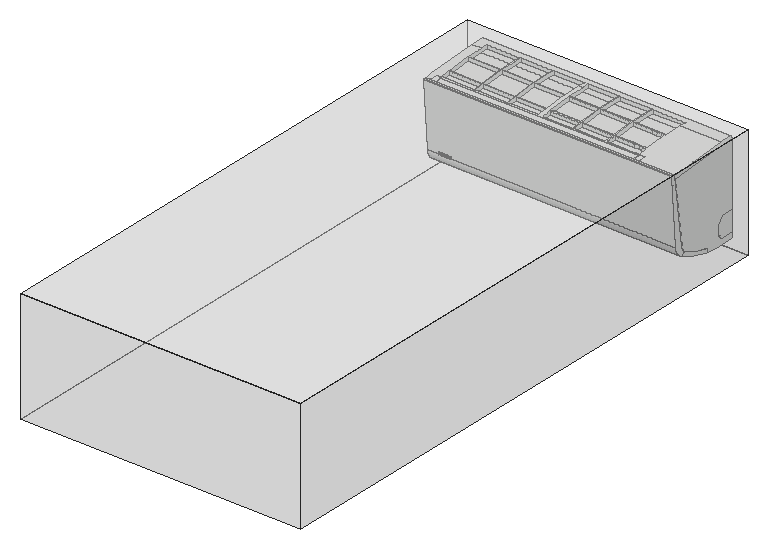
Revit family "outputfile", category 機械設備, Revit 2024
Family settings
  丸型コネクタ寸法 = 半径を使用
  パーツ タイプ = 標準
  OmniClass 番号 = 23.75.10.24.21.27.27
  OmniClass タイトル = Split System Air Conditioning Units
  作業面ベース = いいえ
  常に垂直 = はい
  ロード時にボイドで切り取り = いいえ
  注釈の向きを維持 = いいえ
  共有 = いいえ
  部屋計算ポイント = いいえ
Parameters (values of type "FTKF50DVA")
  Description = ""
  書き出し IFC クラス(タイプ) = "IfcUnitaryEquipmentType"
  定義済み IFC タイプ(タイプ) = "AIRCONDITIONINGUNIT"
  Cost = 0
  Type Comments = ""
  Keynote = ""
  Type Image = (empty or 0)
  Assembly Code = ""
  switch_frequency = yes
  lw_connection [instance] = if(Width = 730.0 mm, 85.0 mm, if(Width = 770.0 mm, 48.0 mm, 60.0 mm))  # 48.0 mm
  製造元 = "Daikin"
  モデル = "FTKF50DVA"
  r_Liquid Pipe Size = Liquid Pipe Size / 2  # 3.2 mm
  r_Gas Pipe Size = Gas Pipe Size / 2  # 6.35 mm
  r_Drain Pipe Size = Drain Pipe Size / 2  # 9.55 mm
  lw_powersupply [instance] = if(Width = 730.0 mm, if(or(Rear Right Connection_refrigerant, Bottom Right Connection_refrigerant), 65.0 mm, if(or(Rear Left Connection_refrigerant, Bottom Left Connection_refrigerant), 695.0 mm, 400.0 mm)), if(Width = 770.0 mm, if(or(Rear Right Connection_refrigerant, Bottom Right Connection_refrigerant), 68.0 mm, if(or(Rear Left Connection_refrigerant, Bottom Left Connection_refrigerant), 705.0 mm, 400.0 mm)), if(or(Rear Right Connection_refrigerant, Bottom Right Connection_refrigerant), 83.0 mm, if(or(Rear Left Connection_refrigerant, Bottom Left Connection_refrigerant), 928.0 mm, 400.0 mm))))  # 400.0 mm
  lw_liquidpipe [instance] = if(Width = 730.0 mm, if(or(Rear Right Connection_refrigerant, Bottom Right Connection_refrigerant), 0.0 mm, if(or(Rear Left Connection_refrigerant, Bottom Left Connection_refrigerant), 582.0 mm, 473.0 mm)), if(Width = 770.0 mm, if(or(Rear Right Connection_refrigerant, Bottom Right Connection_refrigerant), 0.0 mm, if(or(Rear Left Connection_refrigerant, Bottom Left Connection_refrigerant), 682.0 mm, 385.0 mm)), if(or(Rear Right Connection_refrigerant, Bottom Right Connection_refrigerant), 10.0 mm, if(or(Rear Left Connection_refrigerant, Bottom Left Connection_refrigerant), 858.0 mm, 435.0 mm))))  # 385.0 mm
  lw_gaspipe [instance] = if(Width = 730.0 mm, if(or(Rear Right Connection_refrigerant, Bottom Right Connection_refrigerant), 0.0 mm, if(or(Rear Left Connection_refrigerant, Bottom Left Connection_refrigerant), 576.0 mm, 428.0 mm)), if(Width = 770.0 mm, if(or(Rear Right Connection_refrigerant, Bottom Right Connection_refrigerant), 0.0 mm, if(or(Rear Left Connection_refrigerant, Bottom Left Connection_refrigerant), 675.0 mm, 335.0 mm)), if(or(Rear Right Connection_refrigerant, Bottom Right Connection_refrigerant), 0.0 mm, if(or(Rear Left Connection_refrigerant, Bottom Left Connection_refrigerant), 851.0 mm, 400.0 mm))))  # 335.0 mm
  lw_drainpipe [instance] = if(Width = 730.0 mm, if(or(Rear Right Connection_refrigerant, Bottom Right Connection_refrigerant), 0.0 mm, if(or(Rear Left Connection_refrigerant, Bottom Left Connection_refrigerant), 590.0 mm, 488.0 mm)), if(Width = 770.0 mm, if(or(Rear Right Connection_refrigerant, Bottom Right Connection_refrigerant), 0.0 mm, if(or(Rear Left Connection_refrigerant, Bottom Left Connection_refrigerant), 695.0 mm, 440.0 mm)), if(or(Rear Right Connection_refrigerant, Bottom Right Connection_refrigerant), 0.0 mm, if(or(Rear Left Connection_refrigerant, Bottom Left Connection_refrigerant), 888.0 mm, 475.0 mm))))  # 440.0 mm
  l_powersupply_length [instance] = if(Width = 730.0 mm, if(Right Connection_refrigerant, 400.0 mm, if(Left Connection_refrigerant, 330.0 mm, if(or(Bottom Left Connection_refrigerant, Bottom Right Connection_refrigerant), 57.0 mm, if(or(Rear Left Connection_refrigerant, Rear Right Connection_refrigerant), 15.0 mm, 50.0 mm)))), if(Width = 770.0 mm, if(Right Connection_refrigerant, 400.0 mm, if(Left Connection_refrigerant, 370.0 mm, if(or(Bottom Left Connection_refrigerant, Bottom Right Connection_refrigerant), 57.0 mm, if(or(Rear Left Connection_refrigerant, Rear Right Connection_refrigerant), 15.0 mm, 50.0 mm)))), if(Right Connection_refrigerant, 400.0 mm, if(Left Connection_refrigerant, 590.0 mm, if(or(Bottom Left Connection_refrigerant, Bottom Right Connection_refrigerant), 57.0 mm, if(or(Rear Left Connection_refrigerant, Rear Right Connection_refrigerant), 15.0 mm, 50.0 mm))))))  # 400.0 mm
  l_liquidpipe_length [instance] = if(Width = 730.0 mm, if(Right Connection_refrigerant, 558.0 mm, if(Left Connection_refrigerant, 172.0 mm, if(or(Bottom Left Connection_refrigerant, Bottom Right Connection_refrigerant), 48.0 mm, if(or(Rear Left Connection_refrigerant, Rear Right Connection_refrigerant), 30.0 mm, 40.0 mm)))), if(Width = 770.0 mm, if(Right Connection_refrigerant, 433.0 mm, if(Left Connection_refrigerant, 337.0 mm, if(or(Bottom Left Connection_refrigerant, Bottom Right Connection_refrigerant), 48.0 mm, if(or(Rear Left Connection_refrigerant, Rear Right Connection_refrigerant), 30.0 mm, 40.0 mm)))), if(Right Connection_refrigerant, 495.0 mm, if(Left Connection_refrigerant, 495.0 mm, if(or(Bottom Left Connection_refrigerant, Bottom Right Connection_refrigerant), 48.0 mm, if(or(Rear Left Connection_refrigerant, Rear Right Connection_refrigerant), 30.0 mm, 40.0 mm))))))  # 433.0 mm
  l_gaspipe_length [instance] = if(Width = 730.0 mm, if(Right Connection_refrigerant, 513.0 mm, if(Left Connection_refrigerant, 217.0 mm, if(or(Bottom Left Connection_refrigerant, Bottom Right Connection_refrigerant), 57.0 mm, if(or(Rear Left Connection_refrigerant, Rear Right Connection_refrigerant), 40.0 mm, 50.0 mm)))), if(Width = 770.0 mm, if(Right Connection_refrigerant, 383.0 mm, if(Left Connection_refrigerant, 387.0 mm, if(or(Bottom Left Connection_refrigerant, Bottom Right Connection_refrigerant), 57.0 mm, if(or(Rear Left Connection_refrigerant, Rear Right Connection_refrigerant), 40.0 mm, 50.0 mm)))), if(Right Connection_refrigerant, 460.0 mm, if(Left Connection_refrigerant, 530.0 mm, if(or(Bottom Left Connection_refrigerant, Bottom Right Connection_refrigerant), 57.0 mm, if(or(Rear Left Connection_refrigerant, Rear Right Connection_refrigerant), 40.0 mm, 50.0 mm))))))  # 383.0 mm
  l_drainpipe_length [instance] = if(Width = 730.0 mm, if(Right Connection_refrigerant, 573.0 mm, if(Left Connection_refrigerant, 157.0 mm, if(or(Bottom Left Connection_refrigerant, Bottom Right Connection_refrigerant), 35.0 mm, if(or(Rear Left Connection_refrigerant, Rear Right Connection_refrigerant), 15.0 mm, 20.0 mm)))), if(Width = 770.0 mm, if(Right Connection_refrigerant, 488.0 mm, if(Left Connection_refrigerant, 282.0 mm, if(or(Bottom Left Connection_refrigerant, Bottom Right Connection_refrigerant), 35.0 mm, if(or(Rear Left Connection_refrigerant, Rear Right Connection_refrigerant), 15.0 mm, 20.0 mm)))), if(Right Connection_refrigerant, 535.0 mm, if(Left Connection_refrigerant, 455.0 mm, if(or(Bottom Left Connection_refrigerant, Bottom Right Connection_refrigerant), 35.0 mm, if(or(Rear Left Connection_refrigerant, Rear Right Connection_refrigerant), 15.0 mm, 20.0 mm))))))  # 488.0 mm
  h*** = 0.0 mm  # constant formula
  connector_voltage = Voltage_60Hz  # 220 V
  connector_powerinput = [Power Input (Cooling)]  # 0.000 kW
  connector_phase = Phase_60Hz  # 1
  angle_vertical [instance] = if(or(Bottom Left Connection_refrigerant, Bottom Right Connection_refrigerant), 0.00°, 90.00°)  # 90.00°
  angle_horizontal [instance] = if(Right Connection_refrigerant, 90.00°, if(Left Connection_refrigerant, -90.00°, if(or(Rear Left Connection_refrigerant, Rear Right Connection_refrigerant), 180.00°, 0.00°)))  # 90.00°
  Width = 770.0 mm
  Voltage_comment_60Hz = "220"
  Voltage_60Hz = 220 V
  Version = "ver.1.0"
  Unit Type = "Wall Mounted"
  Unit Mass Weight = 9.50 kg
  Unit Designation [instance] = ""
  Uniclass2015Version = "Products v1.30"
  Uniclass2015Title = "Split coil room air conditioning units"
  Uniclass2015Code = "Pr_70_65_03_86"
  URL = ""
  Total Cooling Capacity [instance] = 0.000 kW
  Sound Pressure Level_M speed (dBA) = 39
  Sound Pressure Level_L speed (dBA) = 33
  Sound Pressure Level_H speed (dBA) = 42
  Sound Power Level_H speed (dB) = 0
  Series = "Single Split_Fan Coil Unit"
  Sensible Cooling Capacity [instance] = 0.000 kW
  Refrigerant Type = "R32"
  Power Input (Cooling) = 0.000 kW
  Phase_60Hz = 1
  Option Accessory 3 [instance] = ""
  Option Accessory 2 [instance] = ""
  Option Accessory 1 [instance] = ""
  Nominal Cooling Capacity = 5.280 kW
  Minimum Circuit Amps_60Hz = 0.0 A
  Minimum Airflow = 493.00 m³/h
  Median Airflow = 646.00 m³/h
  Maximum Fuse Amps_60Hz = 0.0 A
  Maximum Airflow = 731.00 m³/h
  Material_Casing = DAIKIN_White_Casing_indoorunit
  Load Classification = HVAC
  Liquid Pipe Size = 6.4 mm
  Link_Nested Family [instance] = ""
  IfcVersion = ""
  IfcExportType = "AIRCONDITIONINGUNIT"
  IfcExportAs = "IfcUnitaryEquipmentType"
  Height = 288.0 mm
  Heat Exchanger Type = "Cross Fin Coil"
  Gas Pipe Size = 12.7 mm
  Frequency_60Hz = 60 Hz
  Fan Type = "Cross Flow Fan"
  Fan Drive = "Direct Drive"
  FCU Tag No. [instance] = ""
  Drain Pipe Size = 19.1 mm
  Design Supply Airflow [instance] = 0.00 m³/h
  Depth = 234.0 mm
  既定の高さ = 0.0 mm
  Cooling Entering Wet Bulb Temperature [instance] = 0.00 °C
  Cooling Entering Dry Bulb Temperature [instance] = 0.00 °C
  Cooling Ambient Wet Bulb Temperature [instance] = 0.00 °C
  Cooling Ambient Dry Bulb Temperature [instance] = 0.00 °C
  Clearance visibility [instance] = yes
  Clearance Top = 30.0 mm
  Clearance Right = 50.0 mm
  Clearance Rear = 0.0 mm
  Clearance Left = 50.0 mm
  Clearance Front = 1500.0 mm
  Clearance Bottom = 30.0 mm
  Bottom Right Connection_refrigerant [instance] = no
  Bottom Left Connection_refrigerant [instance] = no
  Rear Right Connection_refrigerant [instance] = no
  Rear Left Connection_refrigerant [instance] = no
  Right Connection_refrigerant [instance] = yes
  Left Connection_refrigerant [instance] = no
Reference planes
  plane 1 "Back": y = 0
  plane 2: z = 0
  plane 3 "Center (Left/Right)": x = 0
  plane 4 "Center (Front/Back)": y = -117
  plane 5 "Front": y = -234
  plane 6 "Left": x = -385
  plane 7 "Right": x = 385
  plane 8 "Top": z = 0
  plane 9 "Bottom": z = -288
  plane 10 "Front panel_Left": x = -383
  plane 11 "Front panel_Right": x = 383
  plane 12: x = 249
  plane 13: x = 244
  plane 14: x = -435
  plane 15: x = 435
  plane 16: y = 0
  plane 17: y = -213
  plane 18: z = 30
  plane 19: z = -318
  plane 20 "lw_Piping and Wiring intake": x = 337
  plane 21 "lw_gaspipe": x = 2
  plane 22 "lw_liquidpipe": x = -48
  plane 23 "lw_drainpipe": x = -103
  plane 24 "lh_drainpipe": z = -253
  plane 25 "lh_liquidpipe": z = -240
  plane 26 "lh_gaspipe": z = -231
  plane 27 "ld_drainpipe": y = -15
  plane 28 "ld_liquidpipe": y = -30
  plane 29 "ld_gaspipe": y = -40
  plane 30 "lw_powersupply": x = -15
  plane 31: y = -1734
Dimensions and locks
  equal spacing: plane 6 "Left", plane 3 "Center (Left/Right)", plane 7 "Right"
  "Width": plane 6 "Left" to plane 7 "Right"
  equal spacing: plane 5 "Front", plane 4 "Center (Front/Back)", plane 1 "Back"
  "Depth": plane 5 "Front" to plane 1 "Back"
  "Height": plane 8 "Top" to plane 9 "Bottom"
  locked: plane 10 "Front panel_Left" to plane 6 "Left" at 2
  locked: plane 7 "Right" to plane 11 "Front panel_Right" at 2
  locked: plane 7 "Right" to plane 12 at 136
  locked: plane 12 to plane 13 at 5
  "Clearance Rear": plane 16 to plane 1 "Back"
  "Clearance Top": plane 18 to plane 8 "Top"
  "Clearance Bottom": plane 9 "Bottom" to plane 19
  "lw_connection": plane 20 "lw_Piping and Wiring intake" to plane 7 "Right"
  "lw_gaspipe": plane 21 "lw_gaspipe" to plane 20 "lw_Piping and Wiring intake"
  "lw_liquidpipe": plane 22 "lw_liquidpipe" to plane 20 "lw_Piping and Wiring intake"
  "lw_drainpipe": plane 23 "lw_drainpipe" to plane 20 "lw_Piping and Wiring intake"
  locked: plane 24 "lh_drainpipe" to plane 9 "Bottom" at 35
  locked: plane 25 "lh_liquidpipe" to plane 9 "Bottom" at 48
  locked: plane 26 "lh_gaspipe" to plane 9 "Bottom" at 57
  locked: plane 27 "ld_drainpipe" to plane 1 "Back" at 15
  locked: plane 1 "Back" to plane 28 "ld_liquidpipe" at 30
  locked: plane 1 "Back" to plane 29 "ld_gaspipe" at 40
  "lw_powersupply": plane 30 "lw_powersupply" to plane 7 "Right"
  "Clearance Right": plane 7 "Right" to plane 15
  "Clearance Left": plane 14 to plane 6 "Left"
  "Clearance Front": plane 5 "Front" to plane 31
  aligned and locked: level to plane 2
  aligned and locked: plane 16 to nested 1
  aligned and locked: nested 1 to plane 14
  aligned and locked: nested 1 to plane 15
  aligned and locked: plane 19 to nested 1
  aligned and locked: plane 18 to nested 1
  aligned and locked: plane 21 "lw_gaspipe" to nested 2
  aligned and locked: nested 2 to plane 29 "ld_gaspipe"
  aligned and locked: plane 22 "lw_liquidpipe" to nested 3
  aligned and locked: nested 3 to plane 28 "ld_liquidpipe"
  aligned and locked: plane 23 "lw_drainpipe" to nested 4
  aligned and locked: nested 4 to plane 27 "ld_drainpipe"
  aligned and locked: nested 5 to plane 27 "ld_drainpipe"
  aligned and locked: plane 30 "lw_powersupply" to nested 5
  aligned and locked: level to plane 8 "Top"
  aligned and locked: nested 1 to plane 31
Nested families
  nested 1: "daikin_clearancespace" at (0, -867, -143.881), show <- "Clearance visibility", visible <- "Clearance visibility", Link_Nested Family <- "Link_Nested Family", type "daikin_clearancespace"
    with width 870.0 mm, show yes, height 348.0 mm, depth 1734.0 mm, Link_Nested Family ""
  nested 2: "daikin_connector_rotate3" at (2, -40, -231), angle_vertical <- "angle_vertical", angle_horizontal <- "angle_horizontal", length <- "l_gaspipe_length", radius <- "r_Gas Pipe Size", type "daikin_connector_rotate3"
    with show no, radius 6.35 mm, length 383.0 mm, angle_vertical 90.00°, angle_horizontal 90.00°
  nested 3: "daikin_connector_rotate3" at (-48, -30, -240), angle_vertical <- "angle_vertical", angle_horizontal <- "angle_horizontal", radius <- "r_Liquid Pipe Size", length <- "l_liquidpipe_length", type "daikin_connector_rotate3"
    with show no, radius 3.2 mm, length 433.0 mm, angle_vertical 90.00°, angle_horizontal 90.00°
  nested 4: "daikin_connector_rotate3" at (-103, -15, -253), angle_vertical <- "angle_vertical", angle_horizontal <- "angle_horizontal", length <- "l_drainpipe_length", radius <- "r_Drain Pipe Size", type "daikin_connector_rotate3"
    with show no, radius 9.55 mm, length 488.0 mm, angle_vertical 90.00°, angle_horizontal 90.00°
  nested 5: "daikin_connector_rotate3" at (-15, -15, -231), angle_vertical <- "angle_vertical", angle_horizontal <- "angle_horizontal", length <- "l_powersupply_length", type "daikin_connector_rotate3"
    with show no, radius 10.0 mm, length 400.0 mm, angle_vertical 90.00°, angle_horizontal 90.00°
  nested 6: "DAIKIN_indoorunit_FTKF-DVA" at (-31, 0, 0), type "FTKF-DVA"
    with switch_unit1_35-50 yes, switch_unit1_20-25 no, Width 770.0 mm, WALL HOLE-R 48.0 mm, Height 288.0 mm
Connectors
  piping at (385, -40, -231), diameter 12.7, driven by "r_Gas Pipe Size"
    settings: on nested 2, index 1, connector inside diameter 609.6 mm, connector length 0.0 mm, flow factor 0, pipe flow 0.00 m³/h, pressure drop 0.0 Pa, fitting loss kfactor 0, connector angle 0.00°, fixture units 0, engagement length 0.0 mm, angle of deflection 0.00°, flow configuration 1, flow direction 2, fitting loss method 0, system type 29, joint type 0, gender type 0, connector reference index -1, connector utility 0, adjustable connector no, is connector primary yes, connector description "Refrigerant Gas Piping"
  piping at (385, -30, -240), diameter 6.4, driven by "r_Liquid Pipe Size"
    settings: on nested 3, index 2, connector inside diameter 609.6 mm, connector length 0.0 mm, flow factor 0, pipe flow 0.00 m³/h, pressure drop 0.0 Pa, fitting loss kfactor 0, connector angle 0.00°, fixture units 0, engagement length 0.0 mm, angle of deflection 0.00°, flow configuration 1, flow direction 1, fitting loss method 0, system type 29, joint type 0, gender type 0, connector reference index -1, connector utility 0, adjustable connector no, is connector primary no, connector description "Refrigerant Liquid Piping"
  piping at (385, -15, -253), diameter 19.1, driven by "r_Drain Pipe Size"
    settings: on nested 4, index 3, connector inside diameter 609.6 mm, connector length 0.0 mm, flow factor 0, pipe flow 0.00 m³/h, pressure drop 0.0 Pa, fitting loss kfactor 0, connector angle 0.00°, fixture units 0, engagement length 0.0 mm, angle of deflection 0.00°, flow configuration 1, flow direction 2, fitting loss method 4, system type 16, joint type 0, gender type 0, connector reference index -1, connector utility 0, adjustable connector no, is connector primary no, connector description "Condensate Drain Piping"
  electrical at (385, -15, -231), driven by "Load Classification", driven by "connector_voltage", driven by "connector_phase", driven by "connector_powerinput"
    settings: on nested 5, index 4, voltage 220 V, apparent load 0 VA, apparent load phase1 0 VA, apparent load phase2 0 VA, apparent load phase3 0 VA, power factor 1, load classification "HVAC", number of poles 1, system type 30, power factor state 1, is connector primary yes, connector utility no, sub classification motor no, connector description "Power Supply"
Definition of nested family "daikin_clearancespace"
  Parameters (values of type "daikin_clearancespace")
    Description = "daikin_clearancespace"
    width [instance] = 1823.963 mm
    show [instance] = yes
    material = none
    height [instance] = 1359.762 mm
    depth [instance] = 880.0 mm
    Default Elevation = 0.0 mm
    Link_Nested Family [instance] = ""
  Reference planes
    plane 1 "Center (Front/Back)": y = 0
    plane 2 "Center (Elevation)": z = -0.119
    plane 3 "Center (Left/Right)": x = 0
    plane 4: y = 440
    plane 5: y = -440
    plane 6 "Right": x = 911.982
    plane 7 "Left": x = -911.982
    plane 8 "Top": z = 679.762
    plane 9 "Bottom": z = -680
  Forms (mm)
    Extrusion 1, solid, material <- "material", visible <- "show"
      sketch origin (0, 0, 0) x (1, 0, 0) y (0, 1, 0)
        loop
          line (-911.982, 440) -> (-911.982, -440) -> (911.982, -440) -> (911.982, 440) -> (-911.982, 440)
      from -680 to 679.762
  Lines and regions (mm)
    symbolic lines, visible <- "show"
      curve 1: line (911.982, 440, 0) -> (-911.982, 440, 0)
      curve 2: line (-911.982, 440, 0) -> (-911.982, -440, 0)
      curve 3: line (-911.982, -440, 0) -> (911.982, -440, 0)
      curve 4: line (911.982, -440, 0) -> (911.982, 440, 0)
      curve 5: line (911.982, 0, 679.762) -> (-911.982, 0, 679.762)
      curve 6: line (911.982, 0, -680) -> (911.982, 0, 679.762)
      curve 7: line (-911.982, 0, -680) -> (911.982, 0, -680)
      curve 8: line (-911.982, 0, 679.762) -> (-911.982, 0, -680)
      curve 9: line (0, 440, 679.762) -> (0, -440, 679.762)
      curve 10: line (0, -440, 679.762) -> (0, -440, -680)
      curve 11: line (0, 440, -680) -> (0, 440, 679.762)
      curve 12: line (0, -440, -680) -> (0, 440, -680)
  Dimensions and locks
    "width": plane 7 "Left" to plane 6 "Right"
    "depth": plane 4 to plane 5
    "height": plane 8 "Top" to plane 9 "Bottom"
    equal spacing: plane 7 "Left", plane 3 "Center (Left/Right)", plane 6 "Right"
    equal spacing: plane 4, plane 1 "Center (Front/Back)", plane 5
    equal spacing: plane 8 "Top", plane 2 "Center (Elevation)", plane 9 "Bottom"
    aligned and locked: level to plane 2 "Center (Elevation)"
    aligned and locked: Extrusion 1 sketch curve to plane 4
    aligned and locked: plane 7 "Left" to Extrusion 1 sketch curve
    aligned and locked: Extrusion 1 sketch curve to plane 5
    aligned and locked: Extrusion 1 sketch curve to plane 6 "Right"
    aligned and locked: plane 8 "Top" to Extrusion 1
    aligned and locked: curve 1 to Extrusion 1
    aligned and locked: curve 2 to Extrusion 1
    aligned and locked: curve 3 to Extrusion 1
    aligned and locked: curve 4 to Extrusion 1
    aligned and locked: curve 5 to Extrusion 1
    aligned and locked: curve 6 to Extrusion 1
    aligned and locked: curve 7 to Extrusion 1
    aligned and locked: curve 8 to Extrusion 1
    aligned and locked: curve 9 to Extrusion 1
    aligned and locked: curve 10 to Extrusion 1
    aligned and locked: curve 11 to Extrusion 1
    aligned and locked: curve 12 to Extrusion 1
    aligned and locked: Extrusion 1 to plane 9 "Bottom"
Definition of nested family "DAIKIN_indoorunit_FTKF-DVA"
  Parameters (values of type "FTKF-DVA")
    switch_unit1_60-71 = Width = 990.0 mm  # no
    switch_unit1_35-50 = Width = 770.0 mm  # no
    switch_unit1_20-25 = Width = 730.0 mm  # yes
    Width = 730.0 mm
    WALL HOLE-R = if(Width = 730.0 mm, 79.0 mm, 48.0 mm)  # 79.0 mm
    Material_Casing = none
    Height = if(Width = 730.0 mm, 280.0 mm, if(Width = 770.0 mm, 288.0 mm, 297.0 mm))  # 280.0 mm
    Default Elevation = 0.0 mm
  Reference planes
    plane 1 "Center (Front/Back)": y = 0
    plane 2 "reference_level": z = 0
    plane 3 "Center (Left/Right)": x = 31
    plane 4: x = -334
    plane 5: x = 396
    plane 6: z = -280
  Forms (mm)
    Extrusion 1, solid, material <- "Material_Casing", visible <- "switch_unit1_20-25"
      sketch origin (31, 0, 0) x (0, 1, 0) y (0, 0, 1)
        loop
          line (-109.519, -8) -> (-2.596, -8) -> (-8.198, 0) -> (-109.608, 0)
          arc (-109.608, 0) -> (-157.226, -5.2) -> (-202.599, -20.555) r 220.623
          line (-202.599, -20.555) -> (-202.447, -29.25)
          arc (-202.447, -29.25) -> (-157.182, -13.38) -> (-109.519, -8) r 213.82
      from -365 to 365
    Extrusion 2, solid, material <- "Material_Casing", visible <- "switch_unit1_20-25"
      sketch origin (416, 1304.033, 1200.206) x (0, 1, 0) y (0, 0, 1)
        loop
          arc (-1496.513, -1423.164) -> (-1487.225, -1434.204) -> (-1476.373, -1443.711) r 95
          arc (-1476.373, -1443.711) -> (-1448.371, -1461.92) -> (-1418.191, -1476.232) r 250
          line (-1418.191, -1476.232) -> (-1418.191, -1465.318)
          arc (-1418.191, -1465.318) -> (-1445.052, -1452.134) -> (-1470.063, -1435.711) r 240
          arc (-1470.063, -1435.711) -> (-1477.766, -1429.186) -> (-1484.641, -1421.794) r 85
          line (-1484.641, -1421.794) -> (-1496.513, -1423.164)
      from -20 to -177
    Extrusion 3, solid, material <- "Material_Casing", visible <- "switch_unit1_20-25"
      sketch origin (31, 0, 0) x (0, 1, 0) y (0, 0, 1)
        loop
          line (-202.769, -10.816) -> (-211.618, -13.692)
          arc (-211.618, -13.692) -> (-212.628, -14.432) -> (-213, -15.629) r 2
          line (-213, -15.629) -> (-210.348, -167.5)
          arc (-210.348, -167.5) -> (-206.029, -195.818) -> (-193.465, -221.562) r 95
          line (-193.465, -221.562) -> (-181.653, -220.199)
          arc (-181.653, -220.199) -> (-195.31, -195.356) -> (-200.037, -167.403) r 85
          line (-200.037, -167.403) -> (-202.769, -10.816)
      from -365 to 365
    Extrusion 4, solid, material <- "Material_Casing", visible <- "switch_unit1_20-25"
      sketch origin (31, 0, 0) x (0, 1, 0) y (0, 0, 1)
        loop
          line (0, -280) -> (0, -11.707) -> (-2.596, -8) -> (-109.519, -8)
          arc (-109.519, -8) -> (-156.378, -13.198) -> (-200.959, -28.539) r 213.82
          line (-200.959, -28.539) -> (-198.537, -167.295)
          arc (-198.537, -167.295) -> (-189.766, -204.754) -> (-165.131, -234.305) r 83.5
          arc (-165.131, -234.305) -> (-139.841, -250.873) -> (-112.659, -264.109) r 238.5
          line (-112.659, -264.109) -> (-112.659, -276.338)
          arc (-112.659, -276.338) -> (-100.834, -279.079) -> (-88.731, -280) r 80
          line (-88.731, -280) -> (0, -280)
      from -365 to 365
    Extrusion 5, solid, material <- "Material_Casing", visible <- "switch_unit1_20-25"
      sketch origin (-354, 1304.033, 1200.206) x (0, 1, 0) y (0, 0, 1)
        loop
          arc (-1496.513, -1423.164) -> (-1487.225, -1434.204) -> (-1476.373, -1443.711) r 95
          arc (-1476.373, -1443.711) -> (-1448.371, -1461.92) -> (-1418.191, -1476.232) r 250
          line (-1418.191, -1476.232) -> (-1418.191, -1465.318)
          arc (-1418.191, -1465.318) -> (-1445.052, -1452.134) -> (-1470.063, -1435.711) r 240
          arc (-1470.063, -1435.711) -> (-1477.766, -1429.186) -> (-1484.641, -1421.794) r 85
          line (-1484.641, -1421.794) -> (-1496.513, -1423.164)
      from 72 to 20
    Extrusion 6, solid, material <- "Material_Casing", visible <- "switch_unit1_20-25"
      sketch origin (31, 7.782, 0.206) x (0, 1, 0) y (0, 0, 1)
        loop
          line (-188.39, -221.794) -> (-200.262, -223.164)
          arc (-200.262, -223.164) -> (-190.975, -234.204) -> (-180.122, -243.711) r 95
          arc (-180.122, -243.711) -> (-152.12, -261.92) -> (-121.941, -276.232) r 250
          line (-121.941, -276.232) -> (-121.941, -265.318)
          arc (-121.941, -265.318) -> (-148.801, -252.134) -> (-173.813, -235.711) r 240
          arc (-173.813, -235.711) -> (-181.515, -229.186) -> (-188.39, -221.794) r 85
      from 204 to -309
    Extrusion 7, void
      sketch origin (31, 0, -235) x (1, 0, 0) y (0, 1, 0)
        loop
          line (-324.633, -72.419) -> (-304, -73.5) -> (-234.9, -73.5) -> (-234.9, -24.5) -> (-324.633, -24.5) -> (-324.633, -72.419)
        loop
          line (-304, -74.9) -> (-324.633, -75.939) -> (-324.633, -139.819) -> (-304, -140.9) -> (-234.9, -140.9) -> (-234.9, -74.9) -> (-304, -74.9)
        loop
          line (-304, -142.3) -> (-324.633, -143.326) -> (-324.633, -182.209) -> (-300, -183.5) -> (-234.9, -183.5) -> (-234.9, -142.3) -> (-304, -142.3)
        loop
          line (-233.5, -142.3) -> (-233.5, -183.5) -> (-146.9, -183.5) -> (-146.9, -142.3) -> (-233.5, -142.3)
        loop
          line (-233.5, -140.9) -> (-146.9, -140.9) -> (-146.9, -74.9) -> (-233.5, -74.9) -> (-233.5, -140.9)
        loop
          line (-233.5, -73.5) -> (-146.9, -73.5) -> (-146.9, -24.5) -> (-233.5, -24.5) -> (-233.5, -73.5)
        loop
          line (-145.5, -73.5) -> (-74.9, -73.5) -> (-54.9, -72.452) -> (-54.9, -24.5) -> (-145.5, -24.5) -> (-145.5, -73.5)
        loop
          line (-145.5, -74.9) -> (-145.5, -140.9) -> (-74.9, -140.9) -> (-54.9, -139.852) -> (-54.9, -75.948) -> (-74.9, -74.9) -> (-145.5, -74.9)
        loop
          line (-145.5, -142.3) -> (-145.5, -183.5) -> (-74.9, -183.5) -> (-54.9, -182.452) -> (-54.9, -143.348) -> (-74.9, -142.3) -> (-145.5, -142.3)
        loop
          line (-53.5, -24.5) -> (-53.5, -72.452) -> (-33.5, -73.5) -> (36.5, -73.5) -> (36.5, -24.5) -> (-53.5, -24.5)
        loop
          line (-53.5, -75.948) -> (-53.5, -139.852) -> (-33.5, -140.9) -> (36.5, -140.9) -> (36.5, -74.9) -> (-33.5, -74.9) -> (-53.5, -75.948)
        loop
          line (-33.5, -142.3) -> (-53.5, -143.348) -> (-53.5, -182.452) -> (-33.5, -183.5) -> (36.5, -183.5) -> (36.5, -142.3) -> (-33.5, -142.3)
        loop
          line (37.9, -24.5) -> (37.9, -73.5) -> (124.9, -73.5) -> (124.9, -24.5) -> (37.9, -24.5)
        loop
          line (37.9, -74.9) -> (37.9, -140.9) -> (124.9, -140.9) -> (124.9, -74.9) -> (37.9, -74.9)
        loop
          line (37.9, -142.3) -> (37.9, -183.5) -> (124.9, -183.5) -> (124.9, -142.3) -> (37.9, -142.3)
        loop
          line (126.3, -24.5) -> (126.3, -73.5) -> (195.6, -73.5) -> (216, -72.431) -> (216, -24.5) -> (126.3, -24.5)
        loop
          line (126.3, -74.9) -> (126.3, -140.9) -> (198.5, -140.9) -> (216, -139.983) -> (216, -75.817) -> (198.5, -74.9) -> (126.3, -74.9)
        loop
          line (126.3, -142.3) -> (126.3, -183.5) -> (198.337, -183.5) -> (216, -182.623) -> (216, -143.217) -> (198.5, -142.3) -> (126.3, -142.3)
      from 201.638 to 250
    Extrusion 8, solid, material <- "Material_Casing"
      sketch origin (31, 0, 0) x (1, 0, 0) y (0, 0, 1)
        loop
          circle (286, -235) r 40
        loop
          circle (-317, -235) r 40
      from 0 to 5
    Extrusion 9, solid, material <- "Material_Casing", visible <- "switch_unit1_20-25"
      sketch origin (396, 1296.25, 1200) x (0, -1, 0) y (0, 0, 1)
        loop
          line (1326.25, -1413) -> (1296.25, -1413) -> (1296.25, -1473) -> (1326.25, -1473)
          arc (1326.25, -1473) -> (1340.393, -1467.142) -> (1346.25, -1453) r 20
          line (1346.25, -1453) -> (1346.25, -1433)
          arc (1346.25, -1433) -> (1340.393, -1418.858) -> (1326.25, -1413) r 20
      from 0 to 5
    Extrusion 10, solid, material <- "Material_Casing", visible <- "switch_unit1_20-25"
      sketch origin (-334, 1296.25, 1200) x (0, 1, 0) y (0, 0, 1)
        loop
          line (-1296.25, -1413) -> (-1326.25, -1413)
          arc (-1326.25, -1413) -> (-1340.393, -1418.858) -> (-1346.25, -1433) r 20
          line (-1346.25, -1433) -> (-1346.25, -1453)
          arc (-1346.25, -1453) -> (-1340.393, -1467.142) -> (-1326.25, -1473) r 20
          line (-1326.25, -1473) -> (-1296.25, -1473) -> (-1296.25, -1413)
      from 0 to 5
    Extrusion 11, solid, material <- "Material_Casing", visible <- "switch_unit1_20-25"
      sketch origin (11, 0, -285) x (-1, 0, 0) y (0, -1, 0)
        loop
          line (-279, 0) -> (-279, 30)
          arc (-279, 30) -> (-284.419, 43.081) -> (-297.5, 48.5) r 18.5
          line (-297.5, 48.5) -> (-320.5, 48.5)
          arc (-320.5, 48.5) -> (-333.581, 43.081) -> (-339, 30) r 18.5
          line (-339, 30) -> (-339, 0) -> (-279, 0)
        loop
          line (326, 0) -> (326, 30)
          arc (326, 30) -> (320.581, 43.081) -> (307.5, 48.5) r 18.5
          line (307.5, 48.5) -> (284.5, 48.5)
          arc (284.5, 48.5) -> (271.419, 43.081) -> (266, 30) r 18.5
          line (266, 30) -> (266, 0) -> (326, 0)
      from 10 to 5
    Extrusion 12, solid, material <- "Material_Casing", visible <- "switch_unit1_35-50"
      sketch origin (31, 0, 0) x (0, 1, 0) y (0, 0, 1)
        loop
          line (-5, 0) -> (-45.84, 0)
          arc (-45.84, 0) -> (-135.906, -3.965) -> (-225.275, -15.831) r 1024.823
          arc (-225.275, -15.831) -> (-224.639, -21.302) -> (-223.878, -26.758) r 241.564
          arc (-223.878, -26.758) -> (-135.207, -14.947) -> (-45.84, -11) r 1013.66
          line (-45.84, -11) -> (0, -11) -> (0, -9.02) -> (-5, 0)
      from -385 to 385
    Extrusion 13, solid, material <- "Material_Casing", visible <- "switch_unit1_35-50"
      sketch origin (31, 0, 0) x (0, 1, 0) y (0, 0, 1)
        loop
          arc (-226.673, -12.416) -> (-229.519, -12.929) -> (-232.363, -13.449) r 1025.776
          arc (-232.363, -13.449) -> (-233.586, -14.198) -> (-233.994, -15.573) r 2
          line (-233.994, -15.573) -> (-218.08, -217.408)
          arc (-218.08, -217.408) -> (-211.296, -237.286) -> (-195.807, -251.472) r 42.415
          line (-195.807, -251.472) -> (-186.556, -243.946)
          arc (-186.556, -243.946) -> (-193.981, -235.221) -> (-197.648, -224.366) r 30.386
          line (-197.648, -224.366) -> (-226.673, -12.416)
      from -385 to 385
    Extrusion 14, void
      sketch origin (33, 0, 0) x (1, 0, 0) y (0, 1, 0)
        loop
          line (-357.499, -23.5) -> (-357.499, -96.7) -> (-255.999, -96.7) -> (-255.999, -23.5) -> (-357.499, -23.5)
        loop
          line (-255.999, -99.1) -> (-357.499, -99.1) -> (-357.499, -170.1) -> (-255.999, -170.1) -> (-255.999, -99.1)
        loop
          line (-255.999, -171.7) -> (-357.499, -171.7) -> (-357.499, -201.7) -> (-255.999, -201.7) -> (-255.999, -171.7)
        loop
          line (-253.399, -23.5) -> (-253.399, -96.7) -> (-153.899, -96.7) -> (-153.899, -23.5) -> (-253.399, -23.5)
        loop
          line (-253.399, -99.1) -> (-253.399, -170.1) -> (-153.899, -170.1) -> (-153.899, -99.1) -> (-253.399, -99.1)
        loop
          line (-153.899, -171.7) -> (-253.399, -171.7) -> (-253.399, -201.7) -> (-153.899, -201.7) -> (-153.899, -171.7)
        loop
          line (-56.549, -23.5) -> (-151.299, -23.5) -> (-151.299, -96.7) -> (-56.549, -96.7) -> (-56.549, -23.5)
        loop
          line (-151.299, -99.1) -> (-151.299, -170.1) -> (-56.549, -170.1) -> (-56.549, -99.1) -> (-151.299, -99.1)
        loop
          line (-56.549, -171.7) -> (-151.299, -171.7) -> (-151.299, -201.7) -> (-56.549, -201.7) -> (-56.549, -171.7)
        loop
          line (50.301, -23.5) -> (-44.549, -23.5) -> (-44.549, -96.7) -> (50.301, -96.7) -> (50.301, -23.5)
        loop
          line (-44.549, -99.1) -> (-44.549, -170.1) -> (50.301, -170.1) -> (50.301, -99.1) -> (-44.549, -99.1)
        loop
          line (50.301, -171.7) -> (-44.549, -171.7) -> (-44.549, -201.7) -> (50.301, -201.7) -> (50.301, -171.7)
        loop
          line (52.901, -23.5) -> (52.901, -96.7) -> (152.401, -96.7) -> (152.401, -23.5) -> (52.901, -23.5)
        loop
          line (52.901, -99.1) -> (52.901, -170.1) -> (152.401, -170.1) -> (152.401, -99.1) -> (52.901, -99.1)
        loop
          line (52.901, -171.7) -> (52.901, -201.7) -> (152.401, -201.7) -> (152.401, -171.7) -> (52.901, -171.7)
        loop
          line (155.001, -23.5) -> (155.001, -96.7) -> (256.501, -96.7) -> (256.501, -23.5) -> (155.001, -23.5)
        loop
          line (155.001, -99.1) -> (155.001, -170.1) -> (217.501, -170.1) -> (229.501, -170.1) -> (241.501, -170.1) -> (256.501, -170.1) -> (256.501, -152.1) -> (256.501, -134.1) -> (256.501, -116.1) -> (256.501, -99.1) -> (241.501, -99.1) -> (229.501, -99.1) -> (217.501, -99.1) -> (155.001, -99.1)
        loop
          line (155.001, -171.7) -> (155.001, -201.7) -> (217.501, -201.7) -> (229.501, -201.7) -> (241.501, -201.7) -> (256.501, -201.7) -> (256.501, -171.7) -> (241.501, -171.7) -> (229.501, -171.7) -> (217.501, -171.7) -> (155.001, -171.7)
      from -40.013 to 47.268
    Extrusion 15, solid, material <- "Material_Casing", visible <- "switch_unit1_35-50"
      sketch origin (-356, 1308.25, 1200) x (0, 1, 0) y (0, 0, -1)
        loop
          line (-1407.524, 1473.254) -> (-1407.524, 1484.154)
          arc (-1407.524, 1484.154) -> (-1456.679, 1472.122) -> (-1503.106, 1451.987) r 299.52
          line (-1503.106, 1451.987) -> (-1494.032, 1444.604)
          arc (-1494.032, 1444.604) -> (-1451.915, 1462.363) -> (-1407.524, 1473.254) r 288.723
      from -2 to -49.5
    Extrusion 16, solid, material <- "Material_Casing", visible <- "switch_unit1_35-50"
      sketch origin (418, 1308.25, 1200) x (0, 1, 0) y (0, 0, 1)
        loop
          arc (-1407.524, -1473.254) -> (-1451.915, -1462.363) -> (-1494.032, -1444.604) r 288.723
          line (-1494.032, -1444.604) -> (-1503.106, -1451.987)
          arc (-1503.106, -1451.987) -> (-1456.679, -1472.122) -> (-1407.524, -1484.154) r 299.52
          line (-1407.524, -1484.154) -> (-1407.524, -1473.254)
      from -2 to -119.5
    Extrusion 17, solid, material <- "Material_Casing", visible <- "switch_unit1_35-50"
      sketch origin (418, 1308.25, 1200) x (0, 1, 0) y (0, 0, 1)
        loop
          line (-1407.524, -1484.154) -> (-1407.524, -1473.254)
          arc (-1407.524, -1473.254) -> (-1451.915, -1462.363) -> (-1494.032, -1444.604) r 288.723
          line (-1494.032, -1444.604) -> (-1503.106, -1451.987)
          arc (-1503.106, -1451.987) -> (-1456.679, -1472.122) -> (-1407.524, -1484.154) r 299.52
      from -119.5 to -724.5
    Extrusion 18, solid, material <- "Material_Casing", visible <- "switch_unit1_35-50"
      sketch origin (31, 0, -30) x (0, 1, 0) y (0, 0, 1)
        loop
          arc (-45.84, 19) -> (-135.218, 15.052) -> (-223.901, 3.238) r 1013.66
          line (-223.901, 3.238) -> (-196.855, -194.257)
          arc (-196.855, -194.257) -> (-192.985, -205.344) -> (-185.107, -214.052) r 29.589
          arc (-185.107, -214.052) -> (-142.926, -231.76) -> (-98.473, -242.568) r 288.081
          line (-98.473, -242.568) -> (-98.525, -254.271)
          arc (-98.525, -254.271) -> (-75.337, -257.066) -> (-52, -258) r 292.099
          line (-52, -258) -> (0, -258) -> (0, 19) -> (-45.84, 19)
      from -385 to 385
    Extrusion 19, solid, material <- "Material_Casing", visible <- "switch_unit1_35-50"
      sketch origin (416, 1296.25, 1200) x (0, -1, 0) y (0, 0, 1)
        loop
          line (1329.05, -1409.6) -> (1296.25, -1409.6) -> (1296.25, -1469.6) -> (1329.05, -1469.6)
          arc (1329.05, -1469.6) -> (1342.627, -1463.976) -> (1348.25, -1450.4) r 19.2
          line (1348.25, -1450.4) -> (1348.25, -1428.8)
          arc (1348.25, -1428.8) -> (1342.627, -1415.224) -> (1329.05, -1409.6) r 19.2
      from 0 to 5
    Extrusion 20, solid, material <- "Material_Casing", visible <- "switch_unit1_35-50"
      sketch origin (-349, 1296.25, 1200) x (0, -1, 0) y (0, 0, 1)
        loop
          line (1329.05, -1409.6) -> (1296.25, -1409.6) -> (1296.25, -1469.6) -> (1329.05, -1469.6)
          arc (1329.05, -1469.6) -> (1342.627, -1463.976) -> (1348.25, -1450.4) r 19.2
          line (1348.25, -1450.4) -> (1348.25, -1428.8)
          arc (1348.25, -1428.8) -> (1342.627, -1415.224) -> (1329.05, -1409.6) r 19.2
      from 0 to 5
    Extrusion 21, solid, material <- "Material_Casing", visible <- "switch_unit1_35-50"
      sketch origin (31, 200, -288) x (-1, 0, 0) y (0, -1, 0)
        loop
          line (369, 200) -> (369, 232)
          arc (369, 232) -> (363.142, 246.142) -> (349, 252) r 20
          line (349, 252) -> (329, 252)
          arc (329, 252) -> (314.858, 246.142) -> (309, 232) r 20
          line (309, 232) -> (309, 200) -> (369, 200)
        loop
          line (-369, 200) -> (-309, 200) -> (-309, 232)
          arc (-309, 232) -> (-314.858, 246.142) -> (-329, 252) r 20
          line (-329, 252) -> (-349, 252)
          arc (-349, 252) -> (-363.142, 246.142) -> (-369, 232) r 20
          line (-369, 232) -> (-369, 200)
      from 0 to 5
    Extrusion 22, void
      sketch origin (0, 0, 0) x (1, 0, 0) y (0, 1, 0)
        loop
          line (-308, -185.757) -> (-308, -202.769) -> (262, -202.769) -> (262, -185.757) -> (-308, -185.757)
      from -35 to 0
    Extrusion 23, solid, material <- "Material_Casing", visible <- "switch_unit1_20-25"
      sketch origin (0, 0, 0) x (1, 0, 0) y (0, 1, 0)
        loop
          line (-308, -185.757) -> (-308, -202.757) -> (-293, -202.757) -> (-293, -185.757) -> (-308, -185.757)
        loop
          line (262, -185.757) -> (247, -185.757) -> (247, -202.757) -> (262, -202.757) -> (262, -185.757)
      from -35 to 0
    Extrusion 24, solid, material <- "Material_Casing", visible <- "switch_unit1_20-25"
      sketch origin (0, 0, 0) x (1, 0, 0) y (0, 1, 0)
        loop
          line (-293, -190.757) -> (-293, -202.757) -> (247, -202.757) -> (247, -190.757) -> (203.171, -190.757) -> (203.171, -194.257)
          arc (203.171, -194.257) -> (202.732, -195.318) -> (201.671, -195.757) r 1.5
          line (201.671, -195.757) -> (180.129, -195.757)
          arc (180.129, -195.757) -> (179.068, -195.318) -> (178.629, -194.257) r 1.5
          line (178.629, -194.257) -> (178.629, -190.757) -> (46.421, -190.757) -> (46.421, -194.257)
          arc (46.421, -194.257) -> (45.982, -195.318) -> (44.921, -195.757) r 1.5
          line (44.921, -195.757) -> (23.379, -195.757)
          arc (23.379, -195.757) -> (22.318, -195.318) -> (21.879, -194.257) r 1.5
          line (21.879, -194.257) -> (21.879, -190.757) -> (-68.079, -190.757) -> (-68.079, -194.257)
          arc (-68.079, -194.257) -> (-68.518, -195.318) -> (-69.579, -195.757) r 1.5
          line (-69.579, -195.757) -> (-91.121, -195.757)
          arc (-91.121, -195.757) -> (-92.182, -195.318) -> (-92.621, -194.257) r 1.5
          line (-92.621, -194.257) -> (-92.621, -190.757) -> (-224.829, -190.757) -> (-224.829, -194.257)
          arc (-224.829, -194.257) -> (-225.268, -195.318) -> (-226.329, -195.757) r 1.5
          line (-226.329, -195.757) -> (-247.871, -195.757)
          arc (-247.871, -195.757) -> (-248.932, -195.318) -> (-249.371, -194.257) r 1.5
          line (-249.371, -194.257) -> (-249.371, -190.757) -> (-293, -190.757)
      from -35 to 0
    Extrusion 25, void
      sketch origin (31, 0, 0) x (0, 1, 0) y (0, 0, 1)
        loop
          line (-185.757, -13.903) -> (-185.757, 0) -> (-205.202, 0) -> (-205.202, -21.715)
          arc (-205.202, -21.715) -> (-195.563, -17.601) -> (-185.757, -13.903) r 245
        loop
          line (-205.202, -30.526) -> (-205.202, -35) -> (-185.757, -35) -> (-185.757, -22.404)
          arc (-185.757, -22.404) -> (-195.57, -26.249) -> (-205.202, -30.526) r 237
      from 231 to -339
    Extrusion 26, void
      sketch origin (0, 0, 0) x (1, 0, 0) y (0, 1, 0)
        loop
          line (-341.401, -199.9) -> (-342.412, -238.673) -> (306.373, -238.673)
          spline (306.373, -238.673) -> (306.288, -235.451) -> (306.202, -232.228) -> (306.116, -229.002) -> (306.031, -225.775) -> (305.945, -222.546) -> (305.859, -219.316) -> (305.774, -216.084) -> (305.688, -212.85) -> (305.602, -209.615) -> (305.517, -206.378) -> (305.431, -203.14) -> (305.345, -199.9)
          line (305.345, -199.9) -> (290.148, -199.9) -> (290.015, -203.69) -> (-326.04, -203.69) -> (-326.173, -199.9) -> (-341.401, -199.9)
      from 0 to -34.101
    Extrusion 27, solid, material <- "Material_Casing", visible <- "switch_unit1_35-50"
      sketch origin (0, 0, 0) x (1, 0, 0) y (0, 1, 0)
        loop
          line (-324.05, -226.673) -> (-324.05, -203.69) -> (-326.04, -203.69) -> (-326.173, -199.9) -> (-341.401, -199.9) -> (-342.099, -226.673) -> (-324.05, -226.673)
        loop
          line (305.344, -199.9) -> (290.148, -199.9) -> (290.015, -203.69) -> (288.001, -203.69) -> (288.001, -226.673) -> (306.055, -226.673) -> (305.344, -199.9)
      from 0 to -30
    Extrusion 28, solid, material <- "Material_Casing", visible <- "switch_unit1_35-50"
      sketch origin (0, 0, 0) x (1, 0, 0) y (0, 1, 0)
        loop
          line (288.001, -203.69) -> (-324.05, -203.69) -> (-324.05, -226.673) -> (288.001, -226.673) -> (288.001, -203.69)
      from 0 to -30
    Extrusion 29, void
      sketch origin (31, 0, 0) x (0, 1, 0) y (0, 0, 1)
        loop
          arc (-223.878, -26.758) -> (-224.639, -21.302) -> (-225.275, -15.831) r 241.564
          arc (-225.275, -15.831) -> (-212.6, -13.659) -> (-199.9, -11.646) r 1024.823
          line (-199.9, -11.646) -> (-199.9, 0) -> (-238.673, 0) -> (-238.673, -30) -> (-199.9, -30) -> (-199.9, -22.776)
          arc (-199.9, -22.776) -> (-211.901, -24.695) -> (-223.878, -26.758) r 1013.66
      from -385 to 385
    Extrusion 30, void
      sketch origin (31, 12, 0) x (0, 1, 0) y (0, 0, 1)
        loop
          arc (-201.887, -254.601) -> (-173.585, -267.35) -> (-144.115, -277.1) r 299.52
          line (-144.115, -277.1) -> (-122.392, -277.1)
          arc (-122.392, -277.1) -> (-157.174, -267.937) -> (-190.58, -254.601) r 294.52
          line (-190.58, -254.601) -> (-201.887, -254.601)
      from 303 to 335
    Extrusion 31, solid, material <- "Material_Casing", visible <- "switch_unit1_35-50"
      sketch origin (31, 12, 0) x (0, 1, 0) y (0, 0, 1)
        loop
          arc (-201.887, -254.601) -> (-173.585, -267.35) -> (-144.115, -277.1) r 299.52
          line (-144.115, -277.1) -> (-122.392, -277.1)
          arc (-122.392, -277.1) -> (-157.174, -267.937) -> (-190.58, -254.601) r 294.52
          line (-190.58, -254.601) -> (-201.887, -254.601)
      from 303 to 335
    Extrusion 32, void
      sketch origin (31, 12, 0) x (0, 1, 0) y (0, 0, 1)
        loop
          arc (-197.929, -256.6) -> (-189.925, -260.422) -> (-181.811, -264.005) r 299.52
          line (-181.811, -264.005) -> (-173.896, -264.005)
          arc (-173.896, -264.005) -> (-182.522, -260.437) -> (-191.03, -256.6) r 296.52
          line (-191.03, -256.6) -> (-197.929, -256.6)
      from 308.25 to 329.75
    Extrusion 33, solid, material <- "Material_Casing", visible <- "switch_unit1_35-50"
      sketch origin (31, 12, 0) x (0, 1, 0) y (0, 0, 1)
        loop
          line (-191.03, -256.6) -> (-197.929, -256.6)
          arc (-197.929, -256.6) -> (-189.925, -260.422) -> (-181.811, -264.005) r 299.52
          line (-181.811, -264.005) -> (-173.896, -264.005)
          arc (-173.896, -264.005) -> (-182.522, -260.437) -> (-191.03, -256.6) r 296.52
      from 308.25 to 329.75
    Extrusion 34, solid, material <- "Material_Casing", visible <- "switch_unit1_60-71"
      sketch origin (31, 0, 0) x (0, 1, 0) y (0, 0, 1)
        loop
          line (0, -9.411) -> (-5.217, 0) -> (-81.299, 0)
          arc (-81.299, 0) -> (-172.954, -4.661) -> (-263.664, -18.596) r 903.475
          line (-263.664, -18.596) -> (-262.227, -29.099)
          arc (-262.227, -29.099) -> (-172.204, -15.282) -> (-81.24, -10.748) r 889.035
          spline (-81.24, -10.748) -> (-74.468, -10.758) -> (-67.697, -10.768) -> (-60.927, -10.777) -> (-54.156, -10.787) -> (-47.386, -10.797) -> (-40.616, -10.807) -> (-33.846, -10.817) -> (-27.076, -10.827) -> (-20.307, -10.837) -> (-13.538, -10.846) -> (-6.769, -10.856) -> (0, -10.866)
          line (0, -10.866) -> (0, -9.411)
      from -495 to 495
    Extrusion 35, solid, material <- "Material_Casing", visible <- "switch_unit1_60-71"
      sketch origin (31, 0, 0) x (0, 1, 0) y (0, 0, 1)
        loop
          arc (-61.32, -11) -> (-162.288, -14.333) -> (-262.227, -29.099) r 889.035
          line (-262.227, -29.099) -> (-235.753, -222.656)
          arc (-235.753, -222.656) -> (-231.042, -237.333) -> (-221.593, -249.512) r 44.358
          arc (-221.593, -249.512) -> (-169.646, -270.267) -> (-114.65, -280.495) r 285.5
          line (-114.65, -280.495) -> (-114.65, -294.996)
          arc (-114.65, -294.996) -> (-88.244, -296.499) -> (-61.8, -297) r 697.94
          line (-61.8, -297) -> (0, -297) -> (0, -11) -> (-61.32, -11)
      from -495 to 495
    Extrusion 36, solid, material <- "Material_Casing", visible <- "switch_unit1_60-71"
      sketch origin (31, 0.704, 0) x (0, 1, 0) y (0, 0, 1)
        loop
          arc (-234.553, -259.361) -> (-177.189, -283.256) -> (-116.154, -294.93) r 302.598
          line (-116.154, -294.93) -> (-116.154, -281.229)
          arc (-116.154, -281.229) -> (-130.021, -279.659) -> (-143.795, -277.416) r 286.286
          arc (-143.795, -277.416) -> (-184.393, -266.65) -> (-222.978, -250.06) r 286.299
          line (-222.978, -250.06) -> (-234.553, -259.361)
      from -495 to -449
    Extrusion 37, solid, material <- "Material_Casing", visible <- "switch_unit1_60-71"
      sketch origin (86, 0.704, 0) x (0, 1, 0) y (0, 0, 1)
        loop
          arc (-234.553, -259.361) -> (-177.189, -283.256) -> (-116.154, -294.93) r 302.598
          line (-116.154, -294.93) -> (-116.154, -281.229)
          arc (-116.154, -281.229) -> (-130.021, -279.659) -> (-143.795, -277.416) r 286.286
          arc (-143.795, -277.416) -> (-184.393, -266.65) -> (-222.978, -250.06) r 286.299
          line (-222.978, -250.06) -> (-234.553, -259.361)
      from -498 to 288
    Extrusion 38, solid, material <- "Material_Casing", visible <- "switch_unit1_60-71"
      sketch origin (237.5, 0.704, 0) x (0, 1, 0) y (0, 0, 1)
        loop
          arc (-234.553, -259.361) -> (-177.189, -283.256) -> (-116.154, -294.93) r 302.598
          line (-116.154, -294.93) -> (-116.154, -281.229)
          arc (-116.154, -281.229) -> (-130.021, -279.659) -> (-143.795, -277.416) r 286.286
          arc (-143.795, -277.416) -> (-184.393, -266.65) -> (-222.978, -250.06) r 286.299
          line (-222.978, -250.06) -> (-234.553, -259.361)
      from 141.5 to 288.5
    Extrusion 39, solid, material <- "Material_Casing", visible <- "switch_unit1_60-71"
      sketch origin (31, 0, 0) x (0, 1, 0) y (0, 0, 1)
        loop
          arc (-222.666, -249.246) -> (-231.958, -237) -> (-236.602, -222.347) r 45.158
          line (-236.602, -222.347) -> (-264.436, -18.854)
          arc (-264.436, -18.854) -> (-268.128, -19.63) -> (-271.818, -20.421) r 900
          arc (-271.818, -20.421) -> (-272.685, -20.967) -> (-272.999, -21.943) r 1.5
          line (-272.999, -21.943) -> (-248.932, -250.575)
          arc (-248.932, -250.575) -> (-241.732, -254.782) -> (-234.424, -258.8) r 320
          line (-234.424, -258.8) -> (-222.666, -249.246)
      from -495 to 495
    Extrusion 40, solid, material <- "Material_Casing", visible <- "switch_unit1_60-71"
      sketch origin (31, 0, 0) x (0, 1, 0) y (0, 0, 1)
        loop
          arc (-41.8, -202) -> (-55.942, -207.858) -> (-61.8, -222) r 20
          line (-61.8, -222) -> (-61.8, -255.5)
          arc (-61.8, -255.5) -> (-55.942, -269.642) -> (-41.8, -275.5) r 20
          line (-41.8, -275.5) -> (0, -275.5) -> (0, -202) -> (-41.8, -202)
      from -495 to -490
    Extrusion 41, solid, material <- "Material_Casing", visible <- "switch_unit1_60-71"
      sketch origin (31, 0, 0) x (0, 1, 0) y (0, 0, -1)
        loop
          line (-41.8, 202) -> (0, 202) -> (0, 275.5) -> (-41.8, 275.5)
          arc (-41.8, 275.5) -> (-55.942, 269.642) -> (-61.8, 255.5) r 20
          line (-61.8, 255.5) -> (-61.8, 222)
          arc (-61.8, 222) -> (-55.942, 207.858) -> (-41.8, 202) r 20
      from -495 to -490
    Extrusion 42, solid, material <- "Material_Casing", visible <- "switch_unit1_60-71"
      sketch origin (0, 0, 0) x (1, 0, 0) y (0, 1, 0)
        loop
          line (-438, 0) -> (-438, -41.8)
          arc (-438, -41.8) -> (-432.142, -55.942) -> (-418, -61.8) r 20
          line (-418, -61.8) -> (-384.5, -61.8)
          arc (-384.5, -61.8) -> (-370.358, -55.942) -> (-364.5, -41.8) r 20
          line (-364.5, -41.8) -> (-364.5, 0) -> (-438, 0)
        loop
          line (426.5, 0) -> (426.5, -41.8)
          arc (426.5, -41.8) -> (432.358, -55.942) -> (446.5, -61.8) r 20
          line (446.5, -61.8) -> (480, -61.8)
          arc (480, -61.8) -> (494.142, -55.942) -> (500, -41.8) r 20
          line (500, -41.8) -> (500, 0) -> (426.5, 0)
      from -297 to -292
    Extrusion 43, void
      sketch origin (0, 0, 0) x (1, 0, 0) y (0, 1, 0)
        loop
          line (-434.5, -23.5) -> (-434.5, -112.5) -> (-330.5, -112.5) -> (-330.5, -23.5) -> (-434.5, -23.5)
        loop
          line (-434.5, -115.5) -> (-434.5, -192.7) -> (-330.5, -192.7) -> (-330.5, -115.5) -> (-434.5, -115.5)
        loop
          line (-434.5, -195.7) -> (-434.5, -236.8) -> (-330.5, -236.8) -> (-330.5, -195.7) -> (-434.5, -195.7)
        loop
          line (-328, -23.5) -> (-328, -112.5) -> (-227, -112.5) -> (-227, -23.5) -> (-328, -23.5)
        loop
          line (-328, -115.5) -> (-328, -192.7) -> (-227, -192.7) -> (-227, -115.5) -> (-328, -115.5)
        loop
          line (-328, -195.7) -> (-328, -236.8) -> (-227, -236.8) -> (-227, -195.7) -> (-328, -195.7)
        loop
          line (-224.5, -23.5) -> (-224.5, -112.5) -> (-123.5, -112.5) -> (-123.5, -23.5) -> (-224.5, -23.5)
        loop
          line (-224.5, -115.5) -> (-224.5, -192.7) -> (-123.5, -192.7) -> (-123.5, -115.5) -> (-224.5, -115.5)
        loop
          line (-224.5, -195.7) -> (-224.5, -236.8) -> (-123.5, -236.8) -> (-123.5, -195.7) -> (-224.5, -195.7)
        loop
          line (-121, -23.5) -> (-121, -112.5) -> (-20, -112.5) -> (-20, -23.5) -> (-121, -23.5)
        loop
          line (-121, -115.5) -> (-121, -192.7) -> (-20, -192.7) -> (-20, -115.5) -> (-121, -115.5)
        loop
          line (-121, -195.7) -> (-121, -236.8) -> (-20, -236.8) -> (-20, -195.7) -> (-121, -195.7)
        loop
          line (-17.5, -23.5) -> (-17.5, -112.5) -> (83.5, -112.5) -> (83.5, -23.5) -> (-17.5, -23.5)
        loop
          line (-17.5, -115.5) -> (-17.5, -192.7) -> (83.5, -192.7) -> (83.5, -115.5) -> (-17.5, -115.5)
        loop
          line (-17.5, -195.7) -> (-17.5, -236.8) -> (83.5, -236.8) -> (83.5, -195.7) -> (-17.5, -195.7)
        loop
          line (86, -23.5) -> (86, -112.5) -> (187, -112.5) -> (187, -23.5) -> (86, -23.5)
        loop
          line (86, -115.5) -> (86, -192.7) -> (187, -192.7) -> (187, -115.5) -> (86, -115.5)
        loop
          line (86, -195.7) -> (86, -236.8) -> (187, -236.8) -> (187, -195.7) -> (86, -195.7)
        loop
          line (189.5, -23.5) -> (189.5, -112.5) -> (290.5, -112.5) -> (290.5, -23.5) -> (189.5, -23.5)
        loop
          line (189.5, -115.5) -> (189.5, -192.7) -> (290.5, -192.7) -> (290.5, -115.5) -> (189.5, -115.5)
        loop
          line (189.5, -195.7) -> (189.5, -236.8) -> (290.5, -236.8) -> (290.5, -195.7) -> (189.5, -195.7)
        loop
          line (293, -23.5) -> (293, -112.5) -> (397, -112.5) -> (397, -23.5) -> (293, -23.5)
        loop
          line (293, -115.5) -> (293, -192.7) -> (350.7, -192.7) -> (367.5, -192.7) -> (384.75, -192.7) -> (397, -192.7) -> (397, -115.5) -> (384.75, -115.5) -> (367.5, -115.5) -> (350.7, -115.5) -> (293, -115.5)
        loop
          line (293, -195.7) -> (293, -236.8) -> (350.7, -236.8) -> (367.5, -236.8) -> (384.75, -236.8) -> (397, -236.8) -> (397, -195.7) -> (384.75, -195.7) -> (367.5, -195.7) -> (350.7, -195.7) -> (293, -195.7)
      from 30 to -30
    Extrusion 44, void
      sketch origin (0, 0, 0) x (1, 0, 0) y (0, 1, 0)
        loop
          line (411, -239) -> (-449.5, -239) -> (-449.5, -254) -> (-451.5, -254) -> (-451.5, -264.436) -> (415.5, -264.436) -> (415.5, -254) -> (411, -254) -> (411, -239)
      from 0 to -30
    Extrusion 45, solid, material <- "Material_Casing", visible <- "switch_unit1_60-71"
      sketch origin (0, 0, 0) x (1, 0, 0) y (0, 1, 0)
        loop
          line (-451.5, -265) -> (-435.5, -265) -> (-435.5, -239) -> (-449.5, -239) -> (-449.5, -254) -> (-451.5, -254) -> (-451.5, -265)
        loop
          line (398, -265) -> (415.5, -265) -> (415.5, -254) -> (411, -254) -> (411, -239) -> (398, -239) -> (398, -265)
      from 0 to -30
    Extrusion 46, solid, material <- "Material_Casing", visible <- "switch_unit1_60-71"
      sketch origin (0, 0, 0) x (1, 0, 0) y (0, 1, 0)
        loop
          line (-435.5, -239) -> (-435.5, -264.436) -> (397, -264.436) -> (397, -239) -> (-435.5, -239)
      from 0 to -30
    Extrusion 47, void
      sketch origin (31, 0, 0) x (0, 1, 0) y (0, 0, 1)
        loop
          line (-228.739, -12.112) -> (-228.739, 5) -> (-268.475, 5) -> (-268.475, -33.272) -> (-228.739, -33.272) -> (-228.739, -22.853)
          arc (-228.739, -22.853) -> (-245.513, -25.815) -> (-262.227, -29.099) r 889.035
          line (-262.227, -29.099) -> (-263.664, -18.596)
          arc (-263.664, -18.596) -> (-246.233, -15.182) -> (-228.739, -12.112) r 903.475
      from -495 to 495
    Extrusion 48, void
      sketch origin (31, 0.704, 0) x (0, 1, 0) y (0, 0, 1)
        loop
          arc (-230.546, -261.498) -> (-203.172, -274.143) -> (-174.675, -284) r 302.598
          line (-174.675, -284) -> (-154.527, -284)
          arc (-154.527, -284) -> (-187.624, -274.628) -> (-219.42, -261.498) r 297.598
          line (-219.42, -261.498) -> (-230.546, -261.498)
      from 413 to 445
    Extrusion 49, solid, material <- "Material_Casing", visible <- "switch_unit1_60-71"
      sketch origin (31, 0.704, 0) x (0, 1, 0) y (0, 0, 1)
        loop
          arc (-230.546, -261.498) -> (-203.172, -274.143) -> (-174.675, -284) r 302.598
          line (-174.675, -284) -> (-154.527, -284)
          arc (-154.527, -284) -> (-187.624, -274.628) -> (-219.42, -261.498) r 297.598
          line (-219.42, -261.498) -> (-230.546, -261.498)
      from 413 to 445
    Extrusion 50, void
      sketch origin (31, 0.704, 0) x (0, 1, 0) y (0, 0, 1)
        loop
          arc (-226.657, -263.5) -> (-218.833, -267.315) -> (-210.902, -270.904) r 302.598
          line (-210.902, -270.904) -> (-203.176, -270.904)
          arc (-203.176, -270.904) -> (-211.581, -267.329) -> (-219.872, -263.5) r 299.598
          line (-219.872, -263.5) -> (-226.657, -263.5)
      from 418.25 to 439.75
    Extrusion 51, solid, material <- "Material_Casing", visible <- "switch_unit1_60-71"
      sketch origin (31, 0.704, 0) x (0, 1, 0) y (0, 0, 1)
        loop
          arc (-226.657, -263.5) -> (-218.833, -267.315) -> (-210.902, -270.904) r 302.598
          line (-210.902, -270.904) -> (-203.176, -270.904)
          arc (-203.176, -270.904) -> (-211.581, -267.329) -> (-219.872, -263.5) r 299.598
          line (-219.872, -263.5) -> (-226.657, -263.5)
      from 418.25 to 439.75
    Extrusion 52, void
      sketch origin (31, 0, 0) x (0, 1, 0) y (0, 0, 1)
        loop
          arc (-185.09, -232.006) -> (-178.976, -238.044) -> (-172.34, -243.506) r 95
          arc (-172.34, -243.506) -> (-152.916, -256.693) -> (-132.34, -268) r 250
          line (-132.34, -268) -> (-120.445, -268)
          arc (-120.445, -268) -> (-145.718, -255.169) -> (-169.341, -239.505) r 245
          arc (-169.341, -239.505) -> (-173.845, -235.896) -> (-178.109, -232.006) r 90
          line (-178.109, -232.006) -> (-185.09, -232.006)
      from 304.5 to 337.5
    Extrusion 53, solid, material <- "Material_Casing", visible <- "switch_unit1_20-25"
      sketch origin (31, 0, 0) x (0, 1, 0) y (0, 0, 1)
        loop
          arc (-169.341, -239.505) -> (-173.845, -235.896) -> (-178.109, -232.006) r 90
          line (-178.109, -232.006) -> (-185.09, -232.006)
          arc (-185.09, -232.006) -> (-178.976, -238.044) -> (-172.34, -243.506) r 95
          arc (-172.34, -243.506) -> (-152.916, -256.693) -> (-132.34, -268) r 250
          line (-132.34, -268) -> (-120.445, -268)
          arc (-120.445, -268) -> (-145.718, -255.169) -> (-169.341, -239.505) r 245
      from 304.5 to 337.5
    Extrusion 54, void
      sketch origin (31, 0, 0) x (0, 1, 0) y (0, 0, 1)
        loop
          arc (-181.178, -235.993) -> (-176.874, -239.885) -> (-172.34, -243.506) r 95
          arc (-172.34, -243.506) -> (-169.962, -245.267) -> (-167.563, -247) r 250
          line (-167.563, -247) -> (-162.335, -247)
          arc (-162.335, -247) -> (-166.468, -244.095) -> (-170.54, -241.106) r 247
          arc (-170.54, -241.106) -> (-173.711, -238.618) -> (-176.77, -235.993) r 92
          line (-176.77, -235.993) -> (-181.178, -235.993)
      from 310.25 to 331.75
    Extrusion 55, solid, material <- "Material_Casing", visible <- "switch_unit1_20-25"
      sketch origin (31, 0, 0) x (0, 1, 0) y (0, 0, 1)
        loop
          line (-176.77, -235.993) -> (-181.178, -235.993)
          arc (-181.178, -235.993) -> (-176.874, -239.885) -> (-172.34, -243.506) r 95
          arc (-172.34, -243.506) -> (-169.962, -245.267) -> (-167.563, -247) r 250
          line (-167.563, -247) -> (-162.335, -247)
          arc (-162.335, -247) -> (-166.468, -244.095) -> (-170.54, -241.106) r 247
          arc (-170.54, -241.106) -> (-173.711, -238.618) -> (-176.77, -235.993) r 92
      from 310.25 to 331.75
  Cuts and joins
    Extrusion 7, Extrusion 22, Extrusion 25 cuts Extrusion 1
    Extrusion 14, Extrusion 26, Extrusion 29 cuts Extrusion 12
    Extrusion 25 cuts Extrusion 23
    Extrusion 25 cuts Extrusion 24
    Extrusion 29 cuts Extrusion 28
    Extrusion 29 cuts Extrusion 27
    Extrusion 30, Extrusion 32 cuts Extrusion 17
    Extrusion 30 cuts Extrusion 16
    Extrusion 32 cuts Extrusion 31
    Extrusion 43, Extrusion 44 cuts Extrusion 34
    Extrusion 47 cuts Extrusion 45
